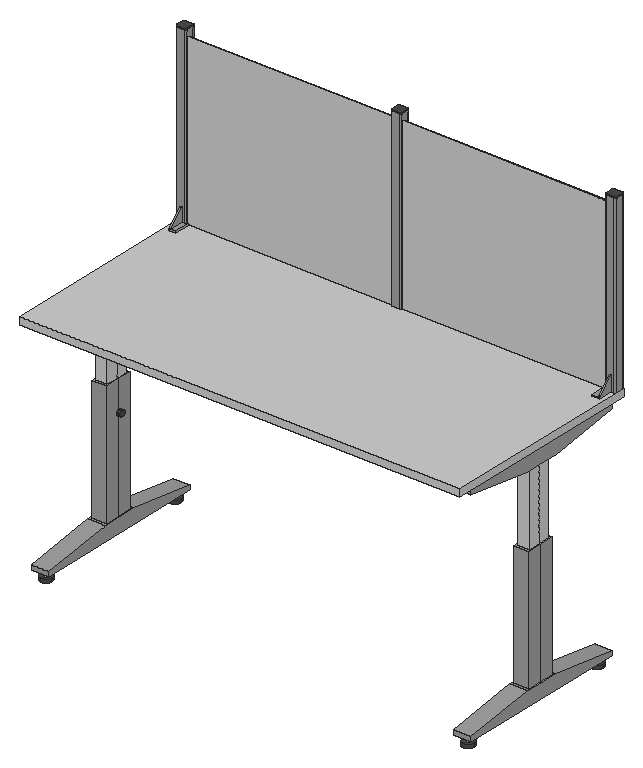
Revit family "Стол монтажный", category Оборудование, Revit 2017
Family settings
  Размер круглого соединителя = Использовать диаметр
  Тип детали = Нормальный
  На основе рабочей плоскости = Нет
  Всегда вертикально = Да
  При загрузке вырезать с полостями = Нет
  Общий = Нет
  Точка расчета площади = Нет
Parameters (values of type "Тип")
  Ширина = 1500.0 mm
  Число полюсов = 1
  Примечание = ""
  Позиция = ""
  Обозначение = "СР-150-01+ экран ВС-150-Э1"
  Напряжение = 0 V
  Наименование = "Стол монтажный"
  Мощность номинальная = 0 W
  Масса = "74"
  Код оборудования = ""
  Keynote = ""
  Задание [instance] = "ЭМ"
  Завод = "ДиКом"
  Единицы = "шт."
  Группа модели = "ТХ"  # constant formula
  Глубина = 700.0 mm
  Высота = 1424.0 mm
Reference planes
  plane 1 "По центру (Вперед/Назад)": y = 0
  plane 2: z = 0
  plane 3 "По центру (Влево/Вправо)": x = 0
  plane 4: x = 750
  plane 5: x = -750
  plane 6: y = -350
  plane 7: y = 350
  plane 8: z = 825
  plane 9: z = 1424
Forms (mm)
  Extrusion 1, solid, material "Металл окрашенный светло-серый"
    sketch origin (0, 0, 0) x (1, 0, 0) y (0, 1, 0)
      loop
        line (-750, 350) -> (-750, -350) -> (750, -350) -> (750, 350) -> (-750, 350)
    from 800 to 825
  Extrusion 2, solid, material "Пластмасса, непрозрачная, черная"
    sketch origin (5, 0, 0) x (1, 0, 0) y (0, 1, 0)
      loop
        circle (-725, -275) r 20
      loop
        circle (-725, 275) r 20
    from 0 to 10
  Extrusion 3, solid
    sketch origin (5, 0, 0) x (1, 0, 0) y (0, 1, 0)
      loop
        circle (-725, 275) r 5
      loop
        circle (-725, -275) r 5
    from 10 to 30
  Extrusion 4, solid, material "Металл окрашенный серый"
    sketch origin (-750, 560, 1200) x (0, 1, 0) y (0, 0, 1)
      loop
        line (-260, -1170) -> (-260, -1155) -> (-500, -1120) -> (-560, -1120) -> (-620, -1120) -> (-860, -1155) -> (-860, -1170) -> (-260, -1170)
    from 0 to 60
  Extrusion 5, solid, material "Металл окрашенный серый"
    sketch origin (0, 0, 0) x (1, 0, 0) y (0, 1, 0)
      loop
        line (-745, 50) -> (-745, 0) -> (-745, -50) -> (-695, -50) -> (-695, 0) -> (-695, 50) -> (-745, 50)
    from 80 to 500
  Extrusion 6, solid, material "Металл окрашенный серый"
    sketch origin (-750, 560, -370) x (0, 1, 0) y (0, 0, 1)
      loop
        line (-260, 1170) -> (-860, 1170) -> (-860, 1155) -> (-620, 1120) -> (-560, 1120) -> (-500, 1120) -> (-260, 1155) -> (-260, 1170)
    from 0 to 60
  Extrusion 7, solid, material "Металл окрашенный светло-серый"
    sketch origin (0, 0, 0) x (1, 0, 0) y (0, 1, 0)
      loop
        line (-700, 40) -> (-740, 40) -> (-740, 0) -> (-740, -40) -> (-700, -40) -> (-700, 0) -> (-700, 40)
    from 500 to 750
  Extrusion 8, solid, material "Пластмасса, непрозрачная, черная"
    sketch origin (-750, 560, 1200) x (0, 1, 0) y (0, 0, 1)
      loop
        line (-564.142, -810) -> (-555.858, -810)
        arc (-555.858, -810) -> (-554.142, -805.858) -> (-550, -804.142) r 5.858
        line (-550, -804.142) -> (-550, -795.858)
        arc (-550, -795.858) -> (-554.142, -794.142) -> (-555.858, -790) r 5.858
        line (-555.858, -790) -> (-564.142, -790)
        arc (-564.142, -790) -> (-565.858, -794.142) -> (-570, -795.858) r 5.858
        line (-570, -795.858) -> (-570, -804.142)
        arc (-570, -804.142) -> (-565.858, -805.858) -> (-564.142, -810) r 5.858
    from 55 to 70
  Extrusion 9, solid, material "Пластмасса, непрозрачная, черная"
    sketch origin (-5, 0, 0) x (-1, 0, 0) y (0, -1, 0)
      loop
        circle (-725, 275) r 20
      loop
        circle (-725, -275) r 20
    from 0 to 10
  Extrusion 10, solid
    sketch origin (-5, 0, 0) x (-1, 0, 0) y (0, -1, 0)
      loop
        circle (-725, -275) r 5
      loop
        circle (-725, 275) r 5
    from 10 to 30
  Extrusion 11, solid, material "Металл окрашенный серый"
    sketch origin (750, 560, 1200) x (0, 1, 0) y (0, 0, -1)
      loop
        line (-260, 1170) -> (-860, 1170) -> (-860, 1155) -> (-620, 1120) -> (-560, 1120) -> (-500, 1120) -> (-260, 1155) -> (-260, 1170)
    from 0 to 60
  Extrusion 12, solid, material "Металл окрашенный серый"
    sketch origin (0, 0, 0) x (-1, 0, 0) y (0, -1, 0)
      loop
        line (-745, -50) -> (-695, -50) -> (-695, 0) -> (-695, 50) -> (-745, 50) -> (-745, 0) -> (-745, -50)
    from 80 to 500
  Extrusion 13, solid, material "Металл окрашенный серый"
    sketch origin (750, 560, -370) x (0, 1, 0) y (0, 0, -1)
      loop
        line (-260, -1170) -> (-260, -1155) -> (-500, -1120) -> (-560, -1120) -> (-620, -1120) -> (-860, -1155) -> (-860, -1170) -> (-260, -1170)
    from 0 to 60
  Extrusion 14, solid, material "Металл окрашенный светло-серый"
    sketch origin (0, 0, 0) x (-1, 0, 0) y (0, -1, 0)
      loop
        line (-700, -40) -> (-700, 0) -> (-700, 40) -> (-740, 40) -> (-740, 0) -> (-740, -40) -> (-700, -40)
    from 500 to 750
  Extrusion 15, solid, material "Пластмасса, непрозрачная, черная"
    sketch origin (750, 560, 1200) x (0, 1, 0) y (0, 0, -1)
      loop
        arc (-564.142, 810) -> (-565.858, 805.858) -> (-570, 804.142) r 5.858
        line (-570, 804.142) -> (-570, 795.858)
        arc (-570, 795.858) -> (-565.858, 794.142) -> (-564.142, 790) r 5.858
        line (-564.142, 790) -> (-555.858, 790)
        arc (-555.858, 790) -> (-554.142, 794.142) -> (-550, 795.858) r 5.858
        line (-550, 795.858) -> (-550, 804.142)
        arc (-550, 804.142) -> (-554.142, 805.858) -> (-555.858, 810) r 5.858
        line (-555.858, 810) -> (-564.142, 810)
    from 55 to 70
  Extrusion 16, solid, material "Металл окрашенный серый"
    sketch origin (0, 0, 0) x (1, 0, 0) y (0, 1, 0)
      loop
        line (720, 315) -> (745, 315)
        arc (745, 315) -> (748.536, 316.464) -> (750, 320) r 5
        line (750, 320) -> (750, 345)
        arc (750, 345) -> (748.536, 348.536) -> (745, 350) r 5
        line (745, 350) -> (720, 350)
        arc (720, 350) -> (716.464, 348.536) -> (715, 345) r 5
        line (715, 345) -> (715, 320)
        arc (715, 320) -> (716.464, 316.464) -> (720, 315) r 5
      loop
        line (-12.5, 315) -> (12.5, 315)
        arc (12.5, 315) -> (16.036, 316.464) -> (17.5, 320) r 5
        line (17.5, 320) -> (17.5, 345)
        arc (17.5, 345) -> (16.036, 348.536) -> (12.5, 350) r 5
        line (12.5, 350) -> (-12.5, 350)
        arc (-12.5, 350) -> (-16.036, 348.536) -> (-17.5, 345) r 5
        line (-17.5, 345) -> (-17.5, 320)
        arc (-17.5, 320) -> (-16.036, 316.464) -> (-12.5, 315) r 5
      loop
        line (-745, 315) -> (-720, 315)
        arc (-720, 315) -> (-716.464, 316.464) -> (-715, 320) r 5
        line (-715, 320) -> (-715, 345)
        arc (-715, 345) -> (-716.464, 348.536) -> (-720, 350) r 5
        line (-720, 350) -> (-745, 350)
        arc (-745, 350) -> (-748.536, 348.536) -> (-750, 345) r 5
        line (-750, 345) -> (-750, 320)
        arc (-750, 320) -> (-748.536, 316.464) -> (-745, 315) r 5
    from 825 to 1420
  Extrusion 17, solid, material "Металл окрашенный серый"
    sketch origin (-750, 525, 1200) x (0, 1, 0) y (0, 0, 1)
      loop
        line (-210, -375) -> (-210, -325) -> (-260, -375) -> (-210, -375)
    from 15 to 20
  Extrusion 18, solid, material "Металл окрашенный серый"
    sketch origin (0, 0, 0) x (1, 0, 0) y (0, 1, 0)
      loop
        line (-730, 315) -> (-730, 265) -> (-710, 265) -> (-710, 315) -> (-730, 315)
    from 825 to 830
  Extrusion 19, solid, material "Металл окрашенный серый"
    sketch origin (750, 525, 1200) x (0, 1, 0) y (0, 0, -1)
      loop
        line (-210, 375) -> (-260, 375) -> (-210, 325) -> (-210, 375)
    from 15 to 20
  Extrusion 20, solid, material "Металл окрашенный серый"
    sketch origin (0, 0, 0) x (-1, 0, 0) y (0, -1, 0)
      loop
        line (-730, -315) -> (-710, -315) -> (-710, -265) -> (-730, -265) -> (-730, -315)
    from 825 to 830
  Extrusion 21, solid, material "Металл окрашенный светло-серый"
    sketch origin (0, 0, 0) x (1, 0, 0) y (0, 1, 0)
      loop
        line (-715, 320) -> (-17.5, 320) -> (-17.5, 323) -> (-715, 323) -> (-715, 320)
      loop
        line (17.5, 320) -> (715, 320) -> (715, 323) -> (17.5, 323) -> (17.5, 320)
    from 825 to 1400
  Extrusion 22, solid, material "Пластмасса, непрозрачная, черная"
    sketch origin (0, 0, 0) x (1, 0, 0) y (0, 1, 0)
      loop
        line (-715, 320) -> (-715, 345)
        arc (-715, 345) -> (-716.464, 348.536) -> (-720, 350) r 5
        line (-720, 350) -> (-745, 350)
        arc (-745, 350) -> (-748.536, 348.536) -> (-750, 345) r 5
        line (-750, 345) -> (-750, 320)
        arc (-750, 320) -> (-748.536, 316.464) -> (-745, 315) r 5
        line (-745, 315) -> (-720, 315)
        arc (-720, 315) -> (-716.464, 316.464) -> (-715, 320) r 5
      loop
        line (17.5, 320) -> (17.5, 345)
        arc (17.5, 345) -> (16.036, 348.536) -> (12.5, 350) r 5
        line (12.5, 350) -> (-12.5, 350)
        arc (-12.5, 350) -> (-16.036, 348.536) -> (-17.5, 345) r 5
        line (-17.5, 345) -> (-17.5, 320)
        arc (-17.5, 320) -> (-16.036, 316.464) -> (-12.5, 315) r 5
        line (-12.5, 315) -> (12.5, 315)
        arc (12.5, 315) -> (16.036, 316.464) -> (17.5, 320) r 5
      loop
        line (715, 345) -> (715, 320)
        arc (715, 320) -> (716.464, 316.464) -> (720, 315) r 5
        line (720, 315) -> (745, 315)
        arc (745, 315) -> (748.536, 316.464) -> (750, 320) r 5
        line (750, 320) -> (750, 345)
        arc (750, 345) -> (748.536, 348.536) -> (745, 350) r 5
        line (745, 350) -> (720, 350)
        arc (720, 350) -> (716.464, 348.536) -> (715, 345) r 5
    from 1424 to 1420
Dimensions and locks
  aligned and locked: level to plane 2
  aligned and locked: Extrusion 22 sketch curve to Extrusion 16  (x24)
